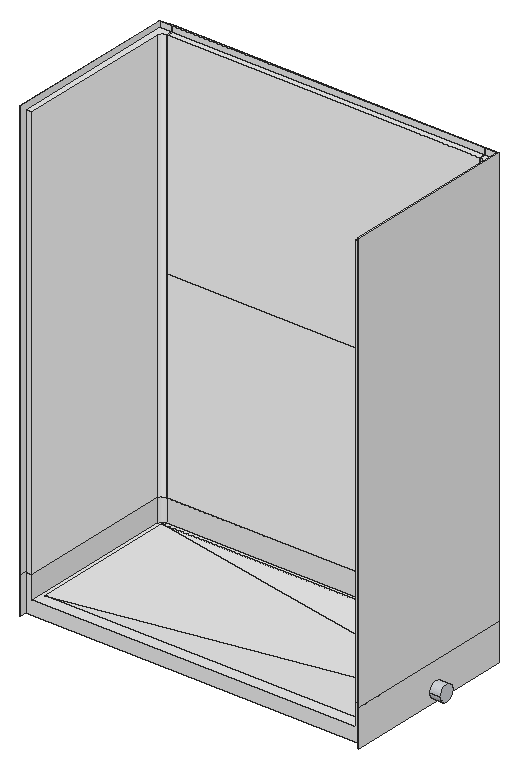
Revit family "5LRS6030FBSD25T,FBSD45T", category Plumbing Fixtures, Revit 2017
Family settings
  Round Connector Dimension = Use Diameter
  Part Type = Normal
  OmniClass Number = 23.45.05.14.17
  OmniClass Title = Showers
  Work Plane-Based = No
  Always vertical = Yes
  Cut with Voids When Loaded = No
  Shared = No
  Room Calculation Point = No
Parameters (values of type "5LBS6030BSD25T")
  Unit Width = 60"
  Unit Height = 81"
  URL = "http://www.bestbath.com/"
  Type Comments = "Barrier Free"
  Threshold Height = 2 1/2"
  Model = "5LBS6030BSD25T"
  Material [instance] = Best Bath Gelcoat Fiberglass - Smooth
  Manufacturer = "Best Bath Systems, Inc."
  Keynote = "22 40 00.B3"
  Description = "Real Tile, Beveled Threshold"
  Assembly Code = "D2010710"
Types (3): name | Unit Height | Threshold Height | Model | Material
  (no name) | 81" | 2 1/2" | "5LBS6030BSD25T" | Best Bath Gelcoat Fiberglass - Smooth
  5LBS6030BSD25T | 81" | 2 1/2" | "5LBS6030BSD25T" | Best Bath Gelcoat Fiberglass - Smooth
  5LBS6030BSD45T | 83" | 4 1/2" | "5LBS6030BSD45T" | Best Bath Gelcoat Fiberglass - RealTile
Reference planes (in)
  plane 1: z = 0
  plane 2 "Left": x = 0
  plane 3: z = 80
  plane 4: z = 81
  plane 5: y = 6.36165
  plane 6: y = 36.36165
  plane 7: x = 60
  plane 8: y = 35.11165
  plane 9: y = 22.36165
  plane 10: z = 1.75
  plane 11: z = 2.5
  plane 12: z = 42
  plane 13: z = 6.5
  plane 14: y = 5.36165
  plane 15: z = 46
  plane 16: x = 30
Forms (in)
  Extrusion 1, solid, material "Best Bath Gelcoat Fiberglass - Smooth"
    sketch origin (0, 0, 0) x (1, 0, 0) y (0, 1, 0)
      loop
        line (0, 6.36165) -> (60, 6.36165) -> (60, 36.36165) -> (0, 36.36165) -> (0, 6.36165)
    from 0 to 2.5
  Extrusion 2, solid, material "Best Bath Gelcoat Fiberglass - Smooth" <- "Material"
    sketch origin (0, 0, 0) x (1, 0, 0) y (0, 1, 0)
      loop
        line (2.25, 36.36165) -> (2.25, 35.11165) -> (57.75, 35.11165) -> (57.75, 36.36165) -> (2.25, 36.36165)
    from 6.5 to 42
  Blend 3, void
    base sketch origin (0, 0, 0) x (1, 0, 0) y (0, 1, 0)
      loop
        line (1.875, 8.36165) -> (58.125, 8.36165) -> (58.125, 34.48665) -> (1.875, 34.48665) -> (1.875, 8.36165)
    top sketch origin (0, 0, 0) x (1, 0, 0) y (0, 1, 0)
      loop
        line (54.63611, 25.36165) -> (54.63611, 19.36165) -> (58.125, 19.36165) -> (58.125, 25.36165) -> (54.63611, 25.36165)
    from 2.5 to 1.75
  Extrusion 4, solid, material "Best Bath Gelcoat Fiberglass - Smooth" <- "Material"
    sketch origin (0, 0, 0) x (1, 0, 0) y (0, 1, 0)
      loop
        line (2.25, 36.36165) -> (2.25, 35.11165) -> (57.75, 35.11165) -> (57.75, 36.36165) -> (2.25, 36.36165)
    from 42 to 80
  Extrusion 5, solid, material "Best Bath Gelcoat Fiberglass - Smooth"
    sketch origin (0.25, 0, 0) x (1, 0, 0) y (0, 1, 0)
      loop
        line (-0.25, 6.36165) -> (1, 6.36165) -> (1, 34.11165)
        arc (1, 34.11165) -> (1.29289, 34.81875) -> (2, 35.11165) r 1
        line (2, 35.11165) -> (2, 36.36165) -> (-0.25, 36.36165) -> (-0.25, 6.36165)
      loop
        line (59.75, 6.36165) -> (59.75, 36.36165) -> (57.5, 36.36165) -> (57.5, 35.11165)
        arc (57.5, 35.11165) -> (58.20711, 34.81875) -> (58.5, 34.11165) r 1
        line (58.5, 34.11165) -> (58.5, 6.36165) -> (59.75, 6.36165)
    from 6.5 to 80
  Extrusion 6, solid, material "Best Bath Gelcoat Fiberglass - Smooth"
    sketch origin (0, 0, 0) x (1, 0, 0) y (0, 1, 0)
      loop
        line (0, 36.36165) -> (0, 6.36165) -> (1.25, 6.36165) -> (1.25, 34.11165)
        arc (1.25, 34.11165) -> (1.54289, 34.81875) -> (2.25, 35.11165) r 1
        line (2.25, 35.11165) -> (57.75, 35.11165)
        arc (57.75, 35.11165) -> (58.45711, 34.81875) -> (58.75, 34.11165) r 1
        line (58.75, 34.11165) -> (58.75, 6.36165) -> (60, 6.36165) -> (60, 35.11165) -> (60, 36.36165) -> (0, 36.36165)
    from 0 to 6.5
  Extrusion 7, solid, material "Best Bath Gelcoat Fiberglass - Smooth"
    sketch origin (0, 0, 0) x (1, 0, 0) y (0, 1, 0)
      loop
        line (0, 5.36165) -> (0.125, 5.36165) -> (0.125, 6.36165) -> (0, 6.36165) -> (0, 5.36165)
      loop
        line (60, 5.36165) -> (60, 6.36165) -> (59.875, 6.36165) -> (59.875, 5.36165) -> (60, 5.36165)
    from 0 to 6.5
  Extrusion 8, solid, material "Best Bath Gelcoat Fiberglass - Smooth" <- "Material"
    sketch origin (0, 0, 0) x (1, 0, 0) y (0, 1, 0)
      loop
        line (2.25, 36.36165) -> (2.25, 36.23665) -> (57.75, 36.23665) -> (57.75, 36.36165) -> (2.25, 36.36165)
    from 80 to 81
  Extrusion 9, solid, material "Best Bath Gelcoat Fiberglass - Smooth"
    sketch origin (0, 0, 0) x (1, 0, 0) y (0, 1, 0)
      loop
        line (0.125, 5.36165) -> (0.125, 36.23665) -> (2.25, 36.23665) -> (2.25, 36.36165) -> (0, 36.36165) -> (0, 5.36165) -> (0.125, 5.36165)
      loop
        line (59.875, 5.36165) -> (60, 5.36165) -> (60, 36.36165) -> (57.75, 36.36165) -> (57.75, 36.23665) -> (59.875, 36.23665) -> (59.875, 5.36165)
    from 6.5 to 81
  Extrusion 10, solid
    sketch origin (60, 6.36165, 0) x (0, 1, 0) y (0, 0, 1)
      loop
        circle (16, 2) r 1.375
    from 0 to 2
Cuts and joins
  Blend 3 cuts Extrusion 1
  joined: Extrusion 1, Extrusion 6, Extrusion 7
  joined: Extrusion 4, Extrusion 8
  joined: Extrusion 5, Extrusion 9
Dimensions and locks (in)
  locked: plane 4 to plane 3 at 1
  "Unit Height": plane 4 to level
  plane 2 "Left" to plane 7 = 60"
  "Unit Width": plane 2 "Left" to plane 7
  locked: plane 6 to plane 8 at 1.25
  locked: plane 6 to plane 9 at 14
  "Threshold Height": plane 11 to level
  locked: plane 11 to plane 10 at 0.75
  locked: plane 12 to plane 13 at 35.5
  locked: plane 13 to plane 11 at 4
  locked: plane 5 to plane 14 at 1
  locked: plane 6 to plane 14 at 31
  locked: plane 15 to plane 12 at 4
  Blend 3 sketch curve to Blend 3 sketch curve = 6"
  Extrusion 10 sketch curve to cut or joined group of Extrusion 1, Blend 3, Extrusion 6, Extrusion 7 = 14"
  locked: plane 13 to cut or joined group of Extrusion 1, Blend 3, Extrusion 6, Extrusion 7 at 4
  plane 13 to Extrusion 10 sketch curve = 4 1/2"
  aligned and locked: level to plane 1
  aligned and locked: Extrusion 1 sketch curve to plane 5
  aligned and locked: Extrusion 1 sketch curve to plane 2 "Left"
  aligned and locked: plane 6 to Extrusion 1 sketch curve
  aligned and locked: Extrusion 1 sketch curve to plane 7
  aligned and locked: plane 12 to Extrusion 2
  aligned and locked: Extrusion 4 to Extrusion 2
  aligned and locked: plane 3 to Extrusion 4
  aligned and locked: plane 3 to Extrusion 5
  aligned and locked: plane 13 to Extrusion 6
  aligned and locked: Extrusion 5 to plane 13
  aligned and locked: Extrusion 2 to plane 13
  aligned and locked: Extrusion 7 to Extrusion 2
  aligned and locked: Extrusion 8 to plane 3
  aligned and locked: plane 4 to Extrusion 8
  aligned and locked: Extrusion 9 to Extrusion 2
  aligned and locked: plane 4 to Extrusion 9
  aligned and locked: Extrusion 1 to Blend 3
  aligned and locked: cut or joined group of Extrusion 1, Blend 3, Extrusion 6, Extrusion 7 to plane 10
Automatic sketch dimensions
  Extrusion 2 sketch curve to plane 8 = 0"
  Extrusion 2 sketch curve to plane 6 = 0"
  plane 2 "Left" to Extrusion 2 sketch curve = 2 1/4"
  plane 7 to Extrusion 2 sketch curve = 2 1/4"
  Blend 3 sketch curve to plane 8 = 5/8"
  plane 2 "Left" to Blend 3 sketch curve = 1 7/8"
  plane 7 to Blend 3 sketch curve = 1 7/8"  (x2)
  plane 5 to Blend 3 sketch curve = 2"
  Extrusion 4 sketch curve to plane 8 = 0"
  Extrusion 4 sketch curve to plane 6 = 0"
  plane 2 "Left" to Extrusion 4 sketch curve = 2 1/4"
  plane 7 to Extrusion 4 sketch curve = 2 1/4"
  Extrusion 5 sketch curve to plane 2 "Left" = 0"
  Extrusion 5 sketch curve to plane 5 = 0"  (x2)
  Extrusion 5 sketch curve to plane 6 = 0"  (x2)
  Extrusion 5 sketch curve to plane 8 = 0"  (x2)
  Extrusion 5 sketch curve to plane 7 = 0"
  Extrusion 5 sketch curve to Extrusion 5 sketch curve = 1 1/4"
  Extrusion 5 sketch curve to Extrusion 5 sketch curve = 1"
  plane 7 to Extrusion 5 sketch curve = 2 1/4"
  plane 7 to Extrusion 5 sketch curve = 1 1/4"
  Extrusion 6 sketch curve to plane 2 "Left" = 0"
  Extrusion 6 sketch curve to plane 5 = 0"  (x2)
  Extrusion 6 sketch curve to plane 8 = 0"  (x2)
  Extrusion 6 sketch curve to plane 7 = 0"
  Extrusion 6 sketch curve to plane 6 = 0"
  Extrusion 6 sketch curve to Extrusion 6 sketch curve = 1 1/4"
  Extrusion 6 sketch curve to Extrusion 6 sketch curve = 1"
  Extrusion 6 sketch curve to plane 8 = 1"
  plane 7 to Extrusion 6 sketch curve = 2 1/4"
  Extrusion 7 sketch curve to plane 2 "Left" = 0"
  Extrusion 7 sketch curve to plane 5 = 0"  (x2)
  Extrusion 7 sketch curve to plane 14 = 0"  (x2)
  Extrusion 7 sketch curve to plane 7 = 0"
  plane 2 "Left" to Extrusion 7 sketch curve = 1/8"
  plane 7 to Extrusion 7 sketch curve = 1/8"
  Extrusion 8 sketch curve to plane 6 = 0"
  Extrusion 8 sketch curve to plane 6 = 1/8"
  plane 2 "Left" to Extrusion 8 sketch curve = 2 1/4"
  plane 7 to Extrusion 8 sketch curve = 2 1/4"
  Extrusion 9 sketch curve to plane 2 "Left" = 0"
  Extrusion 9 sketch curve to plane 14 = 0"  (x2)
  Extrusion 9 sketch curve to plane 6 = 0"  (x2)
  Extrusion 9 sketch curve to plane 7 = 0"
  plane 2 "Left" to Extrusion 9 sketch curve = 1/8"
  Extrusion 9 sketch curve to plane 6 = 1/8"  (x2)
  Extrusion 9 sketch curve to Extrusion 9 sketch curve = 2 1/8"
  plane 7 to Extrusion 9 sketch curve = 2 1/4"
  plane 7 to Extrusion 9 sketch curve = 1/8"
  Blend 3 sketch curve to plane 9 = 3"
  plane 7 to Blend 3 sketch curve = 5.36389"
  radius of Extrusion 10 sketch curve = 1 3/8"
